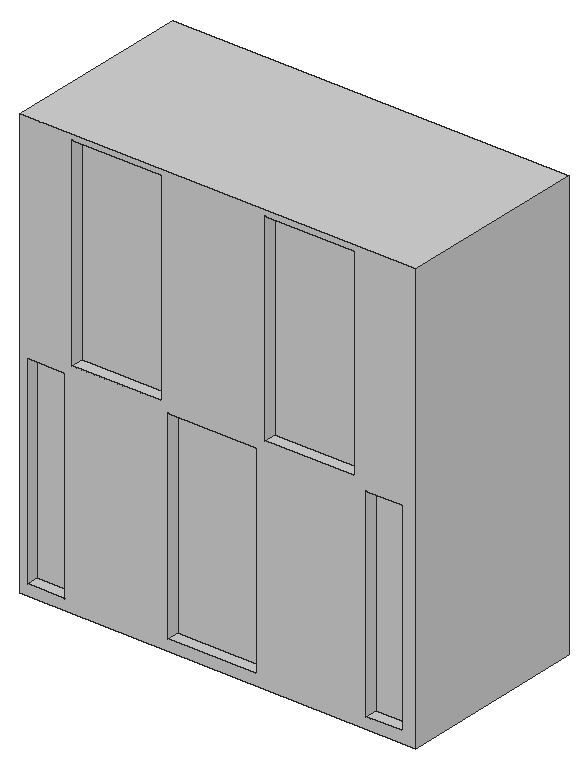
Revit family "SA 7H4W", category Mechanical Equipment, Revit 2019
Family settings
  Round Connector Dimension = Use Diameter
  Part Type = Normal
  OmniClass Number = 23.75.00.00
  OmniClass Title = Climate Control (HVAC)
  Work Plane-Based = No
  Always vertical = Yes
  Cut with Voids When Loaded = No
  Shared = No
  Room Calculation Point = No
Parameters (values of type "7H4W SA")
  Width = 5' - 4 1/2"
  Weight (lbs.) = "3174"
  URL = "www.renewaire.com"
  Model = "7H4W SA"
  Manufacturer = "Renewaire LLC"
  Length = 10' - 10 1/4"
  Housing = Metal - RenewAire - Anodized - Gray Text
  Height = 12' - 1 3/8"
  Description = "Energy Recovery Ventilator"
  Cores (L125-G5) = "28"
  Airflow Range (CFM) = "7,000-30,800"
  3W = yes
Reference planes (in)
  plane 1 "Center (Front/Back)": y = 0
  plane 2: z = 0
  plane 3 "Center (Left/Right)": x = 0
Forms (in)
  Extrusion 1, solid, material "Metal - RenewAire - Anodized - Gray Text" <- "Housing", visible <- "3W"
    sketch origin (0, -16.07731, 0) x (0, 1, 0) y (0, 0, 1)
      loop
        line (32.26413, 145.375) -> (-32.26413, 145.375) -> (-32.26413, 0) -> (32.26413, 0) -> (32.26413, 145.375)
    from 0 to 134.25
  Extrusion 2, void
    sketch origin (0.14517, -14.11828, -1.60929) x (1, 0, 0) y (0, 0, 1)
      loop
        line (2.375, 73.78305) -> (2.375, 5.25) -> (15.17072, 5.25) -> (15.17072, 73.78305) -> (2.375, 73.78305)
      loop
        line (49.92926, 73.78305) -> (49.92926, 5.25) -> (80.25787, 5.25) -> (80.25787, 73.78305) -> (49.92926, 73.78305)
      loop
        line (47.75055, 145.375) -> (17.42194, 145.375) -> (17.42194, 76.78305) -> (47.75055, 76.78305) -> (47.75055, 145.375)
      loop
        line (82.94551, 145.31611) -> (82.94551, 76.78305) -> (113.19551, 76.78305) -> (113.19551, 145.31611) -> (82.94551, 145.31611)
      loop
        line (117.17072, 73.78305) -> (117.17072, 5.25) -> (129.54572, 5.25) -> (129.54572, 73.78305) -> (117.17072, 73.78305)
    from 30 to 38.22316
  Extrusion 3, void
    sketch origin (0.19089, 49.88172, -1.58193) x (1, 0, 0) y (0, 0, 1)
      loop
        line (2.375, 73.78305) -> (2.375, 5.25) -> (15.17072, 5.25) -> (15.17072, 73.78305) -> (2.375, 73.78305)
      loop
        line (49.92926, 73.78305) -> (49.92926, 5.25) -> (80.25787, 5.25) -> (80.25787, 73.78305) -> (49.92926, 73.78305)
      loop
        line (47.75055, 145.375) -> (17.42194, 145.375) -> (17.42194, 76.78305) -> (47.75055, 76.78305) -> (47.75055, 145.375)
      loop
        line (82.94551, 145.31611) -> (82.94551, 76.78305) -> (113.14979, 76.78305) -> (113.14979, 145.31611) -> (82.94551, 145.31611)
      loop
        line (117.125, 73.7557) -> (117.125, 5.22264) -> (129.5, 5.22264) -> (129.5, 73.7557) -> (117.125, 73.7557)
    from 30 to 38.22316
Cuts and joins
  Extrusion 2, Extrusion 3 cuts Extrusion 1
Dimensions and locks (in)
  aligned and locked: level to plane 2
